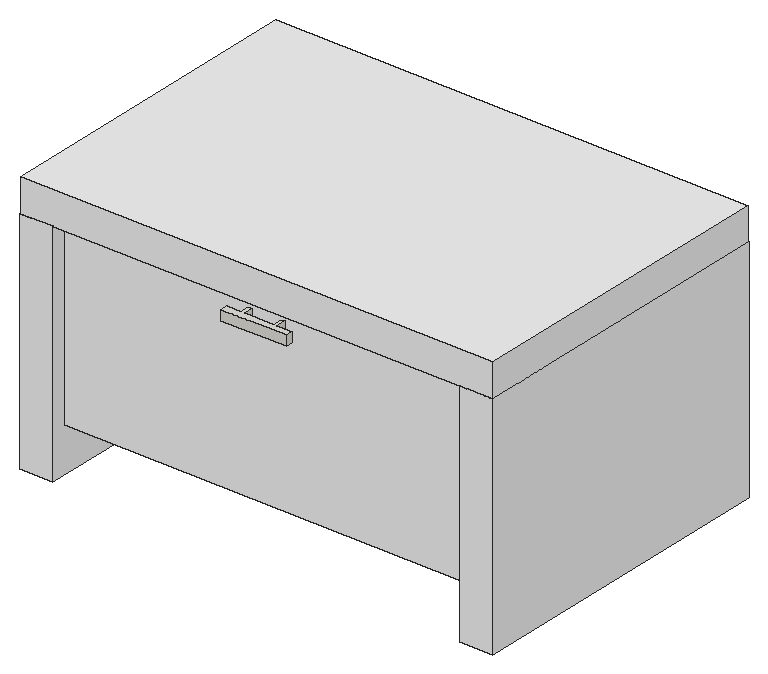
Revit family
Parameters (values of type "LC-3232 01 (600*550*400)")
  Manufacturer = "LIVART"
  Model = "LC-3232 "
  upper face material = 금속 - 패널
  support material = 금속 - 패널
  side material = 금속 - 패널
  knob material = Chrome, 2
  drawer material = 금속 - 패널
  Width = 721 mm
  Depth = 488 mm
  Assembly Code = ""
Reference planes
  plane 1 "중심(앞/뒤)": y = 0
  plane 2: z = 0
  plane 3 "중심(왼쪽/오른쪽)": x = 0
  plane 4: y = 244
  plane 5: y = -244
  plane 6: x = -360.5
  plane 7: x = 360.5
  plane 8: x = -310.5
  plane 9: x = 310.5
  plane 10: y = 239
  plane 11: y = 219
  plane 12: y = -224
  plane 13: y = -204
  plane 14: y = -202
  plane 15: z = 400
  plane 16: z = 350
  plane 17: z = 70
  plane 18: z = 90
  plane 19: z = 348
  plane 20: x = -308.5
  plane 21: x = 308.5
  plane 22: x = -50
  plane 23: x = 50
  plane 24: x = -25
  plane 25: x = 25
  plane 26: z = 330
  plane 27: z = 315
Forms (mm)
  Extrusion 1, solid, material "금속 - 패널" <- "side material"
    sketch origin (0, 0, 0) x (1, 0, 0) y (0, 1, 0)
      loop
        line (-360.5, 244) -> (-360.5, -244) -> (-310.5, -244) -> (-310.5, 244) -> (-360.5, 244)
      loop
        line (360.5, 244) -> (310.5, 244) -> (310.5, -244) -> (360.5, -244) -> (360.5, 244)
    from 0 to 350
  Extrusion 2, solid, material "금속 - 패널" <- "side material"
    sketch origin (0, 0, 0) x (1, 0, 0) y (0, 1, 0)
      loop
        line (-310.5, 239) -> (-310.5, 219) -> (310.5, 219) -> (310.5, 239) -> (-310.5, 239)
    from 0 to 350
  Extrusion 3, solid, material "금속 - 패널" <- "support material"
    sketch origin (0, 0, 0) x (1, 0, 0) y (0, 1, 0)
      loop
        line (-310.5, 219) -> (-310.5, -202) -> (310.5, -202) -> (310.5, 219) -> (-310.5, 219)
    from 70 to 90
  Extrusion 4, solid, material "금속 - 패널" <- "upper face material"
    sketch origin (0, 0, 0) x (1, 0, 0) y (0, 1, 0)
      loop
        line (-360.5, 244) -> (-360.5, -244) -> (360.5, -244) -> (360.5, 244) -> (-360.5, 244)
    from 350 to 400
  Extrusion 5, solid, material "금속 - 패널" <- "drawer material"
    sketch origin (0, 0, 0) x (1, 0, 0) y (0, 1, 0)
      loop
        line (-308.5, -204) -> (-308.5, -224) -> (308.5, -224) -> (308.5, -204) -> (-308.5, -204)
    from 70 to 348
  Extrusion 6, solid, material "Chrome, 2" <- "knob material"
    sketch origin (0, 0, 0) x (1, 0, 0) y (0, 1, 0)
      loop
        line (-50, -239) -> (-50, -249) -> (50, -249) -> (50, -239) -> (27.5, -239) -> (27.5, -224) -> (22.5, -224) -> (22.5, -239) -> (-22.5, -239) -> (-22.5, -224) -> (-27.5, -224) -> (-27.5, -239) -> (-50, -239)
    from 315 to 330
Dimensions and locks
  plane 6 to plane 8 to plane 20 = 50 mm, 2 mm
  plane 22 to plane 24 to plane 25 to plane 23 = 25 mm, 50 mm, 25 mm
  plane 21 to plane 9 to plane 7 = 2 mm, 50 mm
  equal spacing: plane 6, plane 3 "중심(왼쪽/오른쪽)", plane 7
  "Width": plane 6 to plane 7
  plane 11 to plane 10 to plane 4 = 20 mm, 5 mm
  plane 5 to plane 12 to plane 13 to plane 14 = 20 mm, 20 mm, 2 mm
  equal spacing: plane 5, plane 1 "중심(앞/뒤)", plane 4
  "Depth": plane 5 to plane 4
  aligned and locked: plane 6 to Extrusion 1 sketch curve
  aligned and locked: plane 4 to Extrusion 1 sketch curve
  aligned and locked: plane 5 to Extrusion 1 sketch curve
  aligned and locked: plane 8 to Extrusion 1 sketch curve
  aligned and locked: Extrusion 1 to plane 16
  aligned and locked: plane 8 to Extrusion 2 sketch curve
  aligned and locked: plane 10 to Extrusion 2 sketch curve
  aligned and locked: plane 11 to Extrusion 2 sketch curve
  aligned and locked: plane 9 to Extrusion 2 sketch curve
  aligned and locked: Extrusion 2 to plane 16
  aligned and locked: Extrusion 2 to Extrusion 3 sketch curve
  aligned and locked: Extrusion 3 sketch curve to Extrusion 2
  aligned and locked: plane 14 to Extrusion 3 sketch curve
  aligned and locked: plane 9 to Extrusion 3 sketch curve
  aligned and locked: Extrusion 3 to plane 18
  aligned and locked: plane 17 to Extrusion 3
  aligned and locked: Extrusion 4 sketch curve to Extrusion 1  (x3)
  aligned and locked: Extrusion 1 to Extrusion 4 sketch curve
  aligned and locked: Extrusion 4 to plane 15
  aligned and locked: plane 16 to Extrusion 4
  aligned and locked: plane 20 to Extrusion 5 sketch curve
  aligned and locked: plane 13 to Extrusion 5 sketch curve
  aligned and locked: plane 12 to Extrusion 5 sketch curve
  aligned and locked: plane 21 to Extrusion 5 sketch curve
  aligned and locked: Extrusion 5 to plane 19
  aligned and locked: plane 17 to Extrusion 5
  aligned and locked: Extrusion 6 to plane 26
  aligned and locked: plane 27 to Extrusion 6
Automatic sketch dimensions
  Extrusion 1 sketch curve to plane 5 = 0 mm
  Extrusion 1 sketch curve to plane 9 = 0 mm
  Extrusion 1 sketch curve to plane 7 = 0 mm
  Extrusion 1 sketch curve to plane 4 = 0 mm
  Extrusion 6 sketch curve to plane 22 = 0 mm
  Extrusion 6 sketch curve to plane 12 = 0 mm  (x2)
  Extrusion 6 sketch curve to plane 23 = 0 mm
  Extrusion 6 sketch curve to plane 24 = 2.5 mm
  plane 24 to Extrusion 6 sketch curve = 2.5 mm
  Extrusion 6 sketch curve to plane 25 = 2.5 mm
  plane 25 to Extrusion 6 sketch curve = 2.5 mm
  Extrusion 6 sketch curve to plane 5 = 5 mm  (x2)
  Extrusion 6 sketch curve to Extrusion 6 sketch curve = 0 mm
  plane 5 to Extrusion 6 sketch curve = 5 mm
